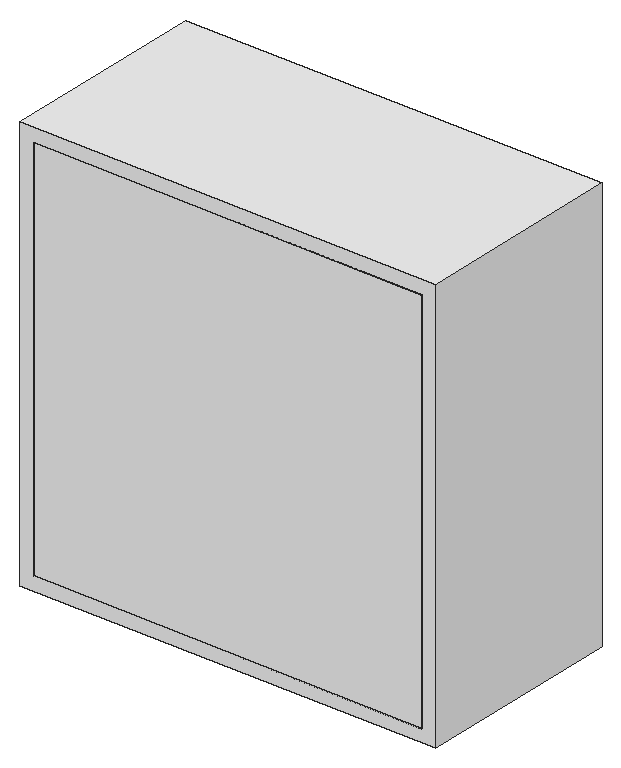
Revit family
Parameters (values of type "600mm")
  Cabinet Material = none
  Depth = 300 mm
  Door/Drawer Material = none
  Handle Material = Cabinets - Handles
  Height = 600 mm
  Panel Material = Cabinets - Panel/Glass
  Top Of Cabinet = 2000 mm
  Width = 600 mm
Types (3, lengths in mm): name | Width
  (no name) | 600
  600mm | 600
  1000mm | 1000
Reference planes
  plane 1: y = 0
  plane 2 "Center": x = 29.771
  plane 3 "Right": x = 329.771
  plane 4 "Left": x = -270.229
  plane 5: z = 1400
  plane 6: z = 2000
  plane 7 "Front": y = 376.2
  plane 8: y = 76.2
  plane 9: z = 1700
Forms (mm)
  Extrusion 1, solid, material <- "Cabinet Material"
    sketch origin (0, 76.2, 0) x (1, 0, 0) y (0, 0, 1)
      loop
        line (329.771, 2000) -> (-270.229, 2000) -> (-270.229, 1400) -> (329.771, 1400) -> (329.771, 2000)
      loop
        line (310.721, 1980.95) -> (-251.179, 1980.95) -> (-251.179, 1419.05) -> (310.721, 1419.05) -> (310.721, 1980.95)
    from 0 to -300
  Extrusion 2, solid, material <- "Cabinet Material"
    sketch origin (0, 76.2, 0) x (1, 0, 0) y (0, 0, 1)
      loop
        line (310.721, 1980.95) -> (-251.179, 1980.95) -> (-251.179, 1419.05) -> (310.721, 1419.05) -> (310.721, 1980.95)
    from 0 to -19.05
  Extrusion 3, solid, material <- "Door/Drawer Material"
    sketch origin (0, 376.2, 0) x (0, 0, 1) y (1, 0, 0)
      loop
        line (1980.95, 310.721) -> (1419.05, 310.721) -> (1419.05, 32.946) -> (1980.95, 32.946) -> (1980.95, 310.721)
      loop
        line (1980.95, -251.179) -> (1980.95, 26.596) -> (1419.05, 26.596) -> (1419.05, -251.179) -> (1980.95, -251.179)
      loop
        line (1450.8, 278.971) -> (1450.8, 64.696) -> (1949.2, 64.696) -> (1949.2, 278.971) -> (1450.8, 278.971)
      loop
        line (1949.2, -219.429) -> (1949.2, -5.154) -> (1450.8, -5.154) -> (1450.8, -219.429) -> (1949.2, -219.429)
    from 12.7 to -19.05
  Extrusion 4, solid, material "Cabinets - Panel/Glass" <- "Panel Material"
    sketch origin (0, 376.2, 0) x (0, 0, 1) y (1, 0, 0)
      loop
        line (1949.2, 278.971) -> (1450.8, 278.971) -> (1450.8, 64.696) -> (1949.2, 64.696) -> (1949.2, 278.971)
      loop
        line (1450.8, -219.429) -> (1949.2, -219.429) -> (1949.2, -5.154) -> (1450.8, -5.154) -> (1450.8, -219.429)
    from -12.7 to -6.35
  Sweep 5, solid, material "Cabinets - Handles" <- "Handle Material"
    path origin (4.371, 0, 0) x (0, 1, 0) y (0, 0, 1)
      loop
        line (388.9, 1552.4) -> (401.6, 1552.4)
        arc (401.6, 1552.4) -> (410.58, 1548.68) -> (414.3, 1539.7) r 12.7
        line (414.3, 1539.7) -> (414.3, 1463.5)
        arc (414.3, 1463.5) -> (410.58, 1454.52) -> (401.6, 1450.8) r 12.7
        line (401.6, 1450.8) -> (388.9, 1450.8)
    profile origin (4.371, 395.25, 0) x (0, 0, 1) y (1, 0, 0)
      loop
        circle (1552.4, 0) r 6.35
  Sweep 6, solid, material "Cabinets - Handles" <- "Handle Material"
    path origin (55.171, 0, 0) x (0, 1, 0) y (0, 0, -1)
      loop
        line (388.9, -1552.4) -> (401.6, -1552.4)
        arc (401.6, -1552.4) -> (410.58, -1548.68) -> (414.3, -1539.7) r 12.7
        line (414.3, -1539.7) -> (414.3, -1463.5)
        arc (414.3, -1463.5) -> (410.58, -1454.52) -> (401.6, -1450.8) r 12.7
        line (401.6, -1450.8) -> (388.9, -1450.8)
    profile origin (55.171, 395.25, 0) x (0, 0, -1) y (-1, 0, 0)
      loop
        circle (-1552.4, 0) r 6.35
Lines and regions (mm)
  model lines
    curve 1: line (29.771, 376.2, 1980.95) -> (29.771, 376.2, 1400)
  symbolic lines, style "Plan Rep - Above"
    curve 2: line (-270.229, 76.2, 0) -> (329.771, 76.2, 0)
    curve 3: line (-270.229, 376.2, 0) -> (-270.229, 76.2, 0)
    curve 4: line (329.771, 376.2, 0) -> (-270.229, 376.2, 0)
    curve 5: line (329.771, 76.2, 0) -> (329.771, 376.2, 0)
  symbolic lines, style "Elevation Swing"
    curve 6: line (28.952, 0, 1982.311) -> (-254.336, 0, 1703.193)
    curve 7: line (32.946, 0, 1419.05) -> (310.721, 0, 1699.012)
    curve 8: line (26.596, 0, 1419.05) -> (-251.179, 0, 1700)
    curve 9: line (310.721, 0, 1699.012) -> (28.952, 0, 1982.311)
Text (mm)
  text "Placement Side" at (0, 1019.848, 3124.603), in view "Right"
  text "Placement Side" at (-1303.176, 859.072, 0), in view "Floor Line"
  text "Placement Side" at (0, 1402.211, 2493.666), in view "Left"
Dimensions and locks
  equal spacing: plane 4 "Left", plane 2 "Center", plane 3 "Right"
  "Width": plane 4 "Left" to plane 3 "Right"
  "Height": plane 5 to plane 6
  "Depth": plane 8 to plane 7 "Front"
  equal spacing: plane 5, plane 9, plane 6
  "Top Of Cabinet": level to plane 6
  aligned and locked: plane 8 to host wall
  aligned and locked: plane 7 "Front" to Extrusion 1
  aligned and locked: Extrusion 2 sketch curve to Extrusion 1  (x4)
  aligned and locked: Extrusion 3 to Extrusion 4 sketch curve  (x2)
  aligned and locked: Extrusion 4 sketch curve to Extrusion 3  (x4)
  aligned and locked: Extrusion 3 sketch curve to Extrusion 1
  aligned and locked: plane 5 to curve 1
Automatic sketch dimensions
  Extrusion 1 sketch curve to plane 4 "Left" = 0 mm
  Extrusion 1 sketch curve to plane 3 "Right" = 0 mm
  Extrusion 1 sketch curve to plane 5 = 0 mm
  Extrusion 1 sketch curve to plane 6 = 0 mm
  plane 4 "Left" to Extrusion 1 sketch curve = 19.05 mm
  Extrusion 1 sketch curve to plane 3 "Right" = 19.05 mm
  Extrusion 1 sketch curve to plane 5 = 19.05 mm
  plane 6 to Extrusion 1 sketch curve = 19.05 mm
  Sweep 5 sketch curve to profile plane = 0 mm
  profile plane to Sweep 5 sketch curve = 6.35 mm
  Sweep 6 sketch curve to profile plane = 0 mm
  profile plane to Sweep 6 sketch curve = 6.35 mm
  curve 4 to plane 4 "Left" = 0 mm
  curve 4 to plane 3 "Right" = 0 mm
  curve 2 to host wall = 0 mm
  curve 4 to plane 7 "Front" = 0 mm
  Extrusion 3 sketch curve to plane 5 = 19.05 mm  (x2)
  Extrusion 3 sketch curve to Extrusion 3 sketch curve = 31.75 mm  (x3)
  plane 6 to Extrusion 3 sketch curve = 50.8 mm  (x2)
  plane 6 to Extrusion 3 sketch curve = 19.05 mm
  Extrusion 3 sketch curve to Extrusion 3 sketch curve = 0 mm
  Extrusion 3 sketch curve to plane 2 "Center" = 34.925 mm
  Extrusion 3 sketch curve to plane 2 "Center" = 3.175 mm
  plane 2 "Center" to Extrusion 3 sketch curve = 3.175 mm
  plane 2 "Center" to Extrusion 3 sketch curve = 34.925 mm
  Extrusion 3 sketch curve to plane 3 "Right" = 50.8 mm
  Extrusion 3 sketch curve to plane 3 "Right" = 19.05 mm
  plane 7 "Front" to Sweep 6 sketch curve = 12.7 mm  (x2)
  Sweep 6 sketch curve to Sweep 6 sketch curve = 12.7 mm  (x3)
  Sweep 6 sketch curve to plane 5 = 152.4 mm
  Sweep 6 sketch curve to plane 5 = 63.5 mm
  plane 7 "Front" to Sweep 5 sketch curve = 12.7 mm  (x2)
  Sweep 5 sketch curve to Sweep 5 sketch curve = 12.7 mm  (x3)
  Sweep 5 sketch curve to plane 5 = 50.8 mm
  Sweep 5 sketch curve to Sweep 5 sketch curve = 76.2 mm
  Extrusion 4 sketch curve to plane 5 = 50.8 mm
  plane 6 to Extrusion 4 sketch curve = 50.8 mm
  curve 1 to plane 2 "Center" = 0 mm
  curve 8 to plane 9 = 0 mm
  curve 6 to plane 9 = 3.193 mm
  plane 6 to curve 1 = 19.05 mm
  curve 6 to plane 2 "Center" = 0.819 mm
  curve 6 to curve 1 = 1.361 mm
  plane 9 to curve 7 = 0.988 mm
  plane 2 "Center" to curve 7 = 3.175 mm
  curve 7 to plane 5 = 19.05 mm
  curve 8 to plane 2 "Center" = 3.175 mm
  curve 8 to curve 7 = 0 mm
  plane 4 "Left" to curve 8 = 19.05 mm
  curve 6 to curve 8 = 3.157 mm
  curve 9 to plane 3 "Right" = 19.05 mm
